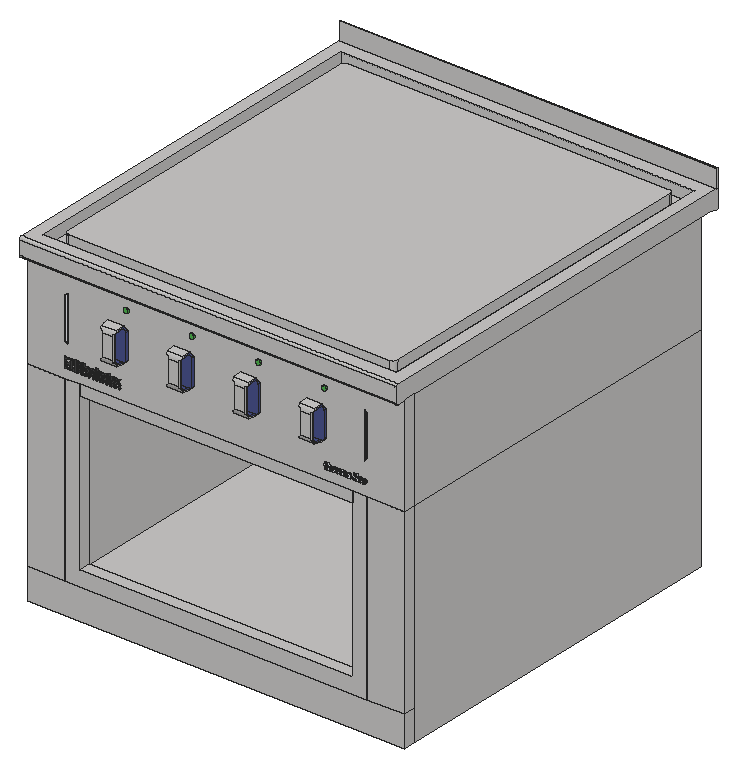
Revit family "QF_ELECTROLUXPROFESSIONAL_588683_MBLDGBHDAO", category Attrezzature speciali, Revit 2021
Family settings
  Quota connettore circolare = Usa diametro
  Tipo di parte = Normale
  Basato su piano di lavoro = No
  Sempre verticale = Sì
  Taglio con vuoti quando caricato = No
  Condiviso = No
  Punto di calcolo locali = No
Parameters (values of type "Standard")
  Weight = 145.00 kg
  Watts = 12000 W
  Volts = 400 V
  URL Manufacturer = "https://www.electroluxprofessional.com/"
  URL = "https://www.electroluxprofessional.com/"
  Steam Supply Size = 0"
  Steam Supply Minimum Pressure = 0.00 psi
  Steam Supply Maximum Pressure = 0.00 psi
  Steam Consumption per Hour = 0
  Refrigeration Suction Line Size = 0 mm
  Refrigeration Liquid Line Size = 0 mm
  Refrigerant Compressor Remote = yes
  Prospetto di default = 0 mm
  Phase = 3
  Modello = "MBLDGBHDAO"
  Produttore = "Electrolux Professional"
  Length Actual = 800 mm  # constant formula
  Item Number = "588683"
  Hot Water Size = 0"
  Height Actual = 700 mm  # constant formula
  HP = "16.1 HP"
  Gas Size = 0"
  Gas KW = 0
  Gas Input Pressure = 0.0 Btu/h
  Direct Waste Size = 0"
  Descrizione = "EL.SOLID TOP,4ZONE,ECO,1S,BS,800X850X700"
  Depth Actual = 850 mm  # constant formula
  Cycle = 50 Hz
  Condensate Return Size = 0"
  Compressed Air Volume = 0 GPM
  Compressed Air Size = 0"
  Compressed Air Pressure = 0.00 psi
  Cold Water Size = 0"
  Accessory = yes
Reference planes
  plane 1 "BACK": y = 50
  plane 2: z = 0
  plane 3 "LEFT": x = 0
  plane 4 "RIGHT": x = 800
  plane 5 "FRONT": y = -800
  plane 6 "TOP": z = 900
  plane 7 "Center (Left/Right)": x = 400
  plane 8: y = -375
  plane 9: z = 200
  plane 10: y = -150
  plane 11 "Panel": y = -755
  plane 12: z = 798
  plane 13: z = 1327
  plane 14: x = 78
  plane 15: x = 722
  plane 16: y = -100
  plane 17: y = -600
  plane 18 "EIx": x = 755
  plane 19 "EIy": y = -585
Forms (mm)
  Extrusion 1, solid, material "QF_Finishes_Stainless Steel"
    sketch origin (-178.969, -4572, 200) x (-1, 0, 0) y (0, -1, 0)
      loop
        line (-178.969, -4577) -> (-178.969, -3817) -> (-978.969, -3817) -> (-978.969, -4577) -> (-178.969, -4577)
    from 450 to 662.969
  Extrusion 2, solid, material "QF_Finishes_Stainless Steel"
    sketch origin (-588.969, -4562, 200) x (-1, 0, 0) y (0, -1, 0)
      loop
        circle (-1343.969, -3977) r 6.35
    from 0 to -11.851
  Extrusion 3, solid, material "QF_Finishes_Stainless Steel"
    sketch origin (400, 296.4, 1219.2) x (0, 1, 0) y (0, 0, 1)
      loop
        line (-246.4, -319.2) -> (-1091.4, -319.2)
        arc (-1091.4, -319.2) -> (-1094.935, -320.664) -> (-1096.4, -324.2) r 5
        line (-1096.4, -324.2) -> (-1096.4, -355.2)
        arc (-1096.4, -355.2) -> (-1094.971, -358.264) -> (-1091.705, -359.139) r 4
        line (-1091.705, -359.139) -> (-1076.4, -356.231) -> (-266.4, -356.231) -> (-251.094, -359.139)
        arc (-251.094, -359.139) -> (-247.829, -358.264) -> (-246.4, -355.2) r 4
        line (-246.4, -355.2) -> (-246.4, -319.2)
    from -400 to 400
  Extrusion 4, solid, material "QF_Finishes_Stainless Steel"
    sketch origin (0, 0, 900) x (-1, 0, 0) y (0, -1, 0)
      loop
        arc (-60, 5) -> (-52.929, 7.929) -> (-50, 15) r 10
        line (-50, 15) -> (-50, 735)
        arc (-50, 735) -> (-52.929, 742.071) -> (-60, 745) r 10
        line (-60, 745) -> (-740, 745)
        arc (-740, 745) -> (-747.071, 742.071) -> (-750, 735) r 10
        line (-750, 735) -> (-750, 15)
        arc (-750, 15) -> (-747.071, 7.929) -> (-740, 5) r 10
        line (-740, 5) -> (-60, 5)
    from 0 to -20
  Extrusion 5, void
    sketch origin (0, 0, 900) x (-1, 0, 0) y (0, -1, 0)
      loop
        line (-25, 770) -> (-775, 770) -> (-775, -20) -> (-25, -20) -> (-25, 770)
    from 0 to -25
  Extrusion 6, solid, material "QF_Finishes_Stainless Steel"
    sketch origin (400, 296.4, 1219.2) x (0, 1, 0) y (0, 0, 1)
      loop
        line (-249.4, -319.2) -> (-246.4, -319.2) -> (-246.4, -281.2) -> (-249.4, -281.2) -> (-249.4, -319.2)
    from -400 to 400
Cuts and joins
  Extrusion 5 cuts Extrusion 3
Lines and regions (mm)
  symbolic lines
    curve 1: line (0, 50, 200) -> (800, 50, 200)
    curve 2: line (0, -800, 200) -> (0, 50, 200)
    curve 3: line (800, -800, 200) -> (0, -800, 200)
    curve 4: line (800, 50, 200) -> (800, -800, 200)
    curve 5: line (740, -5, 200) -> (60, -5, 200)
    curve 6: line (50, -15, 200) -> (50, -735, 200)
    curve 7: line (60, -745, 200) -> (740, -745, 200)
    curve 8: line (750, -735, 200) -> (750, -15, 200)
    curve 9: arc (60, -5, 200) -> (52.929, -7.929, 200) -> (50, -15, 200) r 10
    curve 10: arc (750, -15, 200) -> (747.071, -7.929, 200) -> (740, -5, 200) r 10
    curve 11: arc (740, -745, 200) -> (747.071, -742.071, 200) -> (750, -735, 200) r 10
    curve 12: arc (50, -735, 200) -> (52.929, -742.071, 200) -> (60, -745, 200) r 10
    curve 13: line (0, 47, 0) -> (800, 47, 0)
  model lines, style "SpecialityEquipment"
    curve 14: arc (584.009, -160.989, 900) -> (530.976, -289.022, 900) -> (659.009, -235.989, 900) r 75
    curve 15: line (639.009, -235.989, 900) -> (679.009, -235.989, 900)
    curve 16: line (679.009, -235.989, 900) -> (659.009, -215.989, 900)
    curve 17: line (639.009, -235.989, 900) -> (659.009, -215.989, 900)
    curve 18: arc (216.009, -160.989, 900) -> (162.976, -289.022, 900) -> (291.009, -235.989, 900) r 75
    curve 19: line (271.009, -235.989, 900) -> (311.009, -235.989, 900)
    curve 20: line (311.009, -235.989, 900) -> (291.009, -215.989, 900)
    curve 21: line (271.009, -235.989, 900) -> (291.009, -215.989, 900)
    curve 22: arc (584.009, -488.989, 900) -> (530.976, -617.022, 900) -> (659.009, -563.989, 900) r 75
    curve 23: line (639.009, -563.989, 900) -> (679.009, -563.989, 900)
    curve 24: line (679.009, -563.989, 900) -> (659.009, -543.989, 900)
    curve 25: line (639.009, -563.989, 900) -> (659.009, -543.989, 900)
    curve 26: arc (216.009, -488.989, 900) -> (162.976, -617.022, 900) -> (291.009, -563.989, 900) r 75
    curve 27: line (271.009, -563.989, 900) -> (311.009, -563.989, 900)
    curve 28: line (311.009, -563.989, 900) -> (291.009, -543.989, 900)
    curve 29: line (271.009, -563.989, 900) -> (291.009, -543.989, 900)
Dimensions and locks
  plane 3 "LEFT" to plane 4 "RIGHT" = 800 mm
  plane 5 "FRONT" to plane 1 "BACK" = 850 mm
  equal spacing: plane 3 "LEFT", plane 7 "Center (Left/Right)", plane 4 "RIGHT"
  equal spacing: plane 5 "FRONT", plane 8, plane 1 "BACK"
  plane 6 "TOP" to level = 900 mm  (x2)
  plane 9 to level = 200 mm
  plane 1 "BACK" to plane 10 to plane 11 "Panel" = 200 mm, 605 mm  (x2)
  plane 6 "TOP" to plane 9 to level = 700 mm, 200 mm
  plane 1 "BACK" to plane 5 "FRONT" = 850 mm
  plane 1 "BACK" to Extrusion 2 = 635 mm
  plane 12 to plane 9 = 598 mm
  plane 13 to plane 6 "TOP" = 427 mm
  plane 6 "TOP" to plane 12 = 102 mm
  plane 14 to plane 3 "LEFT" = 78 mm
  plane 15 to plane 4 "RIGHT" = 78 mm
  locked: plane 1 "BACK" to plane 16 at 150
  locked: plane 16 to plane 17 at 500
  plane 11 "Panel" to plane 5 "FRONT" = 45 mm
  plane 18 "EIx" to plane 4 "RIGHT" = 45 mm
  plane 19 "EIy" to plane 1 "BACK" = 635 mm
  aligned and locked: level to plane 2
  aligned and locked: Extrusion 1 to nested 2
Automatic sketch dimensions
  Extrusion 2 sketch curve to plane 18 "EIx" = 0 mm
  Extrusion 2 sketch curve to plane 19 "EIy" = 0 mm
  Extrusion 3 sketch curve to plane 5 "FRONT" = 0 mm
  Extrusion 3 sketch curve to plane 6 "TOP" = 0 mm
  Extrusion 3 sketch curve to plane 1 "BACK" = 0 mm
  Extrusion 3 sketch curve to plane 5 "FRONT" = 4 mm
  Extrusion 3 sketch curve to Extrusion 3 sketch curve = 0.695 mm
  Extrusion 3 sketch curve to plane 5 "FRONT" = 5 mm
  Extrusion 3 sketch curve to Extrusion 3 sketch curve = 15.305 mm
  plane 1 "BACK" to Extrusion 3 sketch curve = 20 mm
  plane 1 "BACK" to Extrusion 3 sketch curve = 4.695 mm
  Extrusion 3 sketch curve to Extrusion 3 sketch curve = 4 mm
  Extrusion 3 sketch curve to Extrusion 3 sketch curve = 31 mm
  Extrusion 3 sketch curve to plane 6 "TOP" = 36 mm
  Extrusion 3 sketch curve to Extrusion 3 sketch curve = 2.909 mm
  Extrusion 4 sketch curve to plane 15 = 28 mm
  plane 14 to Extrusion 4 sketch curve = 28 mm
  Extrusion 4 sketch curve to plane 15 = 18 mm  (x2)
  Extrusion 4 sketch curve to Extrusion 4 sketch curve = 10 mm  (x2)
  plane 10 to Extrusion 4 sketch curve = 145 mm
  plane 17 to Extrusion 4 sketch curve = 135 mm
  Extrusion 5 sketch curve to plane 18 "EIx" = 20 mm
  plane 14 to Extrusion 5 sketch curve = 53 mm
  plane 10 to Extrusion 5 sketch curve = 170 mm
  Extrusion 5 sketch curve to plane 11 "Panel" = 15 mm
  Extrusion 6 sketch curve to plane 6 "TOP" = 0 mm
  Extrusion 6 sketch curve to plane 1 "BACK" = 0 mm
  Extrusion 6 sketch curve to Extrusion 6 sketch curve = 3 mm
  Extrusion 6 sketch curve to Extrusion 6 sketch curve = 38 mm
  Extrusion 1 sketch curve to plane 4 "RIGHT" = 0 mm
  Extrusion 1 sketch curve to plane 3 "LEFT" = 0 mm
  Extrusion 1 sketch curve to plane 11 "Panel" = 0 mm
  plane 1 "BACK" to Extrusion 1 sketch curve = 45 mm
  plane 1 "BACK" to curve 1 = 0 mm
  curve 1 to plane 4 "RIGHT" = 0 mm
  curve 8 to plane 15 = 28 mm
  plane 14 to curve 6 = 28 mm
  curve 2 to plane 3 "LEFT" = 0 mm
  plane 5 "FRONT" to curve 3 = 0 mm
  curve 5 to plane 15 = 18 mm
  curve 11 to curve 11 = 10 mm
  plane 14 to curve 5 = 18 mm
  curve 12 to curve 6 = 10 mm
  plane 10 to curve 5 = 145 mm
  plane 17 to curve 11 = 135 mm
  plane 15 to curve 14 = 137.991 mm
  plane 19 "EIy" to curve 22 = 21.011 mm
  plane 15 to curve 22 = 137.991 mm
  curve 18 to plane 14 = 138.009 mm
  plane 19 "EIy" to curve 26 = 21.011 mm
  curve 26 to plane 14 = 138.009 mm
  curve 14 to plane 10 = 85.989 mm
  curve 18 to plane 10 = 85.989 mm
  plane 15 to curve 16 = 42.991 mm
  plane 15 to curve 24 = 42.991 mm
  curve 23 to curve 24 = 20 mm
  curve 23 to curve 22 = 20 mm
  curve 15 to curve 14 = 20 mm
  curve 17 to curve 14 = 0 mm
  curve 14 to curve 17 = 20 mm
  curve 22 to curve 23 = 20 mm
  curve 28 to plane 7 "Center (Left/Right)" = 88.991 mm
  curve 20 to plane 7 "Center (Left/Right)" = 88.991 mm
  curve 19 to curve 21 = 20 mm
  curve 27 to curve 28 = 20 mm
  curve 27 to curve 26 = 20 mm
  curve 18 to curve 20 = 0 mm
  curve 26 to curve 29 = 20 mm
  curve 18 to curve 21 = 20 mm
  radius of Extrusion 2 sketch curve = 6.35 mm
Nested families
  nested 1: "Front_Panel_W800_4 Knobs_Spie" at (202.376, -755, 0), type "Front_Panel_W800_4 Knobs_Spie"
  nested 2: "QF_ELECTROLUXPROFESSIONAL_588643_MB1NCAHOOO" at (0, 50, 0), type "QF_ELECTROLUXPROFESSIONAL_588643_MB1NCAHOOO"
    with Type Mark "", Specification by User "", Revision Code "", Item Number "", Installed By "", Identify Quantity as Lot yes, Furnished By "", Foodservice Equipment Identifier yes
Connectors
  electrical at (755, -585, 188.149)
    settings: on Extrusion 2, index 1, voltage 400 V, apparent load 33000 VA, apparent load phase1 0 VA, apparent load phase2 0 VA, apparent load phase3 0 VA, power factor 1, load classification "Other", number of poles 1, system type 30, power factor state 1, is connector primary yes, connector utility no, sub classification motor no, connector description "ELECTRICAL CONNECTION"
Definition of nested family "Front_Panel_W800_4 Knobs_Spie"
  Parameters
    Default Elevation = 0 mm
  Reference planes
    plane 1 "Center (Front/Back)": y = 0
    plane 2: z = 0
    plane 3 "Center (Left/Right)": x = 197.624
    plane 4 "Left": x = -202.376
    plane 5 "Right": x = 597.624
    plane 6: y = -45
    plane 7: x = -12.376
    plane 8: x = 127.624
    plane 9 "Panel": y = -25
    plane 10: x = 517.624
    plane 11: x = -122.376
  Forms (mm)
    Extrusion 1, solid
      sketch origin (833.217, 829.203, -1.25) x (0, 1, 0) y (0, 0, 1)
        loop
          line (-854.203, 651.25) -> (-829.203, 651.25) -> (-829.203, 864.25) -> (-854.203, 864.25) -> (-854.203, 651.25)
      from -1035.593 to -235.593
    Extrusion 2, void
      sketch origin (0, -25, -10) x (0, 0, 1) y (-1, 0, 0)
        loop
          line (731.866, 122.376) -> (726.866, 117.376) -> (823.866, 117.376) -> (818.866, 122.376) -> (731.866, 122.376)
        loop
          line (731.866, -517.624) -> (818.866, -517.624) -> (823.866, -512.624) -> (726.866, -512.624) -> (731.866, -517.624)
      from 0 to -2
    Extrusion 3, solid
      sketch origin (20, -25, 1.163) x (0, 0, 1) y (-1, 0, 0)
        loop
          circle (824.337, 12.376) r 5
      from 0 to 1.7
    Extrusion 4, solid
      sketch origin (160, -25, 1.163) x (0, 0, 1) y (-1, 0, 0)
        loop
          circle (824.337, 12.376) r 5
      from 0 to 1.7
    Extrusion 5, solid
      sketch origin (300.724, -25, 1.163) x (0, 0, 1) y (-1, 0, 0)
        loop
          circle (824.337, 12.376) r 5
      from 0 to 1.7
    Extrusion 6, solid
      sketch origin (440.724, -25, 1.163) x (0, 0, 1) y (-1, 0, 0)
        loop
          circle (824.337, 12.376) r 5
      from 0 to 1.7
    Extrusion 7, solid
      sketch origin (0, -25, -10) x (0, 0, 1) y (-1, 0, 0)
        loop
          line (731.866, 122.376) -> (726.866, 117.376) -> (823.866, 117.376) -> (818.866, 122.376) -> (731.866, 122.376)
        loop
          line (726.866, -512.624) -> (731.866, -517.624) -> (818.866, -517.624) -> (823.866, -512.624) -> (726.866, -512.624)
      from 0 to -2
  Cuts and joins
    Extrusion 2 cuts Extrusion 1
  Dimensions and locks
    equal spacing: plane 5 "Right", plane 3 "Center (Left/Right)", plane 4 "Left"
    plane 5 "Right" to plane 4 "Left" = 800 mm
    plane 3 "Center (Left/Right)" to plane 7 = 210 mm
    plane 3 "Center (Left/Right)" to plane 8 = 70 mm
    aligned and locked: cut or joined group of Extrusion 1, Extrusion 2 to plane 4 "Left"
    aligned and locked: plane 5 "Right" to cut or joined group of Extrusion 1, Extrusion 2
  Automatic sketch dimensions
    Extrusion 1 sketch curve to plane 9 "Panel" = 0 mm
    Extrusion 1 sketch curve to plane 1 "Center (Front/Back)" = 0 mm
    Extrusion 2 sketch curve to plane 11 = 0 mm
    Extrusion 2 sketch curve to plane 10 = 0 mm
    Extrusion 2 sketch curve to plane 10 = 5 mm
    plane 11 to Extrusion 2 sketch curve = 5 mm
    Extrusion 2 sketch curve to Extrusion 2 sketch curve = 5 mm  (x4)
    plane 7 to Extrusion 3 sketch curve = 20 mm
    plane 8 to Extrusion 4 sketch curve = 20 mm
    plane 3 "Center (Left/Right)" to Extrusion 5 sketch curve = 90.724 mm
    Extrusion 6 sketch curve to plane 10 = 89.276 mm
    Extrusion 7 sketch curve to plane 11 = 0 mm
    Extrusion 7 sketch curve to plane 10 = 0 mm
    plane 11 to Extrusion 7 sketch curve = 5 mm
    Extrusion 7 sketch curve to Extrusion 7 sketch curve = 5 mm  (x4)
    Extrusion 7 sketch curve to plane 10 = 5 mm
    level to Extrusion 1 sketch curve = 650 mm
    Extrusion 1 sketch curve to Extrusion 1 sketch curve = 213 mm
    level to Extrusion 2 sketch curve = 716.866 mm
    Extrusion 2 sketch curve to Extrusion 2 sketch curve = 0 mm
    Extrusion 2 sketch curve to Extrusion 2 sketch curve = 87 mm  (x2)
    level to Extrusion 3 sketch curve = 825.5 mm
    level to Extrusion 4 sketch curve = 825.5 mm
    level to Extrusion 5 sketch curve = 825.5 mm
    level to Extrusion 6 sketch curve = 825.5 mm
    level to Extrusion 7 sketch curve = 716.866 mm
    Extrusion 7 sketch curve to Extrusion 7 sketch curve = 0 mm
    Extrusion 7 sketch curve to Extrusion 7 sketch curve = 87 mm  (x2)
    radius of Extrusion 3 sketch curve = 5 mm
    radius of Extrusion 4 sketch curve = 5 mm
    radius of Extrusion 5 sketch curve = 5 mm
    radius of Extrusion 6 sketch curve = 5 mm
  Nested families
    nested 1: "Range Control Handle" at (-12.376, -28.137, -209.113) x (-1, 0, 0) z (0, 0, 1), type "Range Control Handle"
    nested 2: "Range Control Handle" at (127.624, -28.137, -209.113) x (-1, 0, 0) z (0, 0, 1), type "Range Control Handle"
    nested 3: "Range Control Handle" at (407.624, -28.137, -209.113), type "Range Control Handle"
    nested 4: "Range Control Handle" at (267.624, -28.137, -209.113), type "Range Control Handle"
    nested 5: "ELX_ThermaLine_Small" at (468.838, -25, 679.426) x (1, 0, 0) z (0, -1, 0), type "ELX_ThermaLine_Small"
      with Show Logo yes, Material_Logo none
    nested 6: "ELX_Professional_Logo_Small" at (-62.89, -25, 681.659) x (1, 0, 0) z (0, -1, 0), type "ELX_Professional_Logo_Small"
      with Show Logo yes, Material_Logo none
  Definition of nested family "Range Control Handle"
    Parameters
      Default Elevation = 0 mm
    Reference planes
      plane 1 "Center (Front/Back)": y = 0
      plane 2: z = 0
      plane 3 "Center (Left/Right)": x = 0
      plane 4: z = 971.092
      plane 5: y = -16.9
    Forms (mm)
      Extrusion 1, solid
        sketch origin (-746.28, 380.497, 208.931) x (-1, 0, 0) y (0, 0, 1)
          loop
            line (-770.101, 786.798) -> (-770.101, 731.649)
            arc (-770.101, 731.649) -> (-769.759, 730.563) -> (-768.855, 729.87) r 1.893
            line (-768.855, 729.87) -> (-763.474, 727.911) -> (-729.81, 727.911) -> (-724.428, 729.87)
            arc (-724.428, 729.87) -> (-723.525, 730.563) -> (-723.183, 731.649) r 1.893
            line (-723.183, 731.649) -> (-723.183, 786.798)
            arc (-723.183, 786.798) -> (-723.529, 787.894) -> (-724.44, 788.593) r 1.91
            line (-724.44, 788.593) -> (-729.683, 790.819) -> (-763.601, 790.819) -> (-768.844, 788.593)
            arc (-768.844, 788.593) -> (-769.755, 787.894) -> (-770.101, 786.798) r 1.91
        from -382.35 to -378.852
      Sweep 2, solid
        path origin (-746.788, 380.496, 208.091) x (0, -1, 0) y (0, 0, 1)
          loop
            line (379.775, 793.281) -> (395.661, 791.048)
            arc (395.661, 791.048) -> (397.781, 787.377) -> (398.517, 783.202) r 12.207
            line (398.517, 783.202) -> (398.517, 737.368)
            arc (398.517, 737.368) -> (397.781, 733.193) -> (395.661, 729.522) r 12.207
            line (395.661, 729.522) -> (379.775, 727.289)
        profile origin (-746.788, -7.222, 1000.256) x (0, -0.139173, 0.990268) y (-1, 0, 0)
          loop
            line (0.782, -763.123) -> (0.782, -730.907) -> (-1.322, -730.907) -> (-1.322, -763.123) -> (0.782, -763.123)
      Sweep 3, solid
        path origin (-746.788, 380.715, 207.832) x (0, -1, 0) y (0, 0, 1)
          loop
            line (380.478, 795.442) -> (397.218, 793.09)
            arc (397.218, 793.09) -> (399.929, 788.473) -> (400.871, 783.202) r 15.207
            line (400.871, 783.202) -> (400.871, 737.584)
            arc (400.871, 737.584) -> (399.914, 732.274) -> (397.164, 727.633) r 15.207
            line (397.164, 727.633) -> (380.601, 725.305)
        profile origin (-746.788, -8.132, 1002.099) x (0, -0.139173, 0.990268) y (-1, 0, 0)
          loop
            line (0.782, -763.123) -> (0.782, -730.907) -> (-1.322, -730.907) -> (-1.322, -763.123) -> (0.782, -763.123)
      Extrusion 4, void
        sketch origin (889.253, 220.666, 207.993) x (1, 0, 0) y (0, 0, 1)
          loop
            line (-943.038, 816.854) -> (-943.038, 703.686) -> (-899.466, 734.196) -> (-899.466, 786.344) -> (-943.038, 816.854)
        from 230.636 to 242.25
      Extrusion 5, void
        sketch origin (-888.8, 220.666, 207.993) x (-1, 0, 0) y (0, 0, -1)
          loop
            line (-943.038, -816.854) -> (-899.466, -786.344) -> (-899.466, -734.196) -> (-943.038, -703.686) -> (-943.038, -816.854)
        from 230.636 to 242.25
      Extrusion 6, solid
        sketch origin (0, 0, 0) x (1, 0, 0) y (0, 0, 1)
          loop
            circle (0, 971.092) r 7.736
        from -3.137 to -1.645
    Cuts and joins
      Extrusion 4, Extrusion 5 cuts Sweep 3
      Extrusion 4, Extrusion 5 cuts Sweep 2
      joined: Extrusion 1, Extrusion 6
    Lines and regions (mm)
      symbolic lines
        curve 1: line (16.334, -16.9, 0) -> (16.334, -19.227, 0)
        curve 2: spline (16.334, -19.227, 0) -> (15.87, -19.385, 0) -> (15.404, -19.536, 0) -> (14.936, -19.678, 0) -> (14.466, -19.813, 0) -> (13.995, -19.94, 0) -> (13.523, -20.059, 0) -> (13.049, -20.171, 0) -> (12.575, -20.274, 0) -> (12.099, -20.37, 0) -> (11.622, -20.458, 0) -> (11.144, -20.537, 0) -> (10.666, -20.609, 0)
        curve 3: line (10.666, -16.9, 0) -> (10.666, -20.938, 0)
        curve 4: line (-10.213, -20.938, 0) -> (10.666, -20.938, 0)
        curve 5: line (-10.213, -20.938, 0) -> (-10.213, -16.9, 0)
        curve 6: spline (-10.213, -20.609, 0) -> (-10.691, -20.537, 0) -> (-11.169, -20.458, 0) -> (-11.646, -20.37, 0) -> (-12.122, -20.274, 0) -> (-12.597, -20.171, 0) -> (-13.07, -20.059, 0) -> (-13.542, -19.94, 0) -> (-14.013, -19.813, 0) -> (-14.483, -19.678, 0) -> (-14.951, -19.536, 0) -> (-15.417, -19.385, 0) -> (-15.881, -19.227, 0)
        curve 7: line (-15.881, -19.227, 0) -> (-15.881, -16.9, 0)
  Definition of nested family "ELX_ThermaLine_Small"
    Parameters
      Show Logo [instance] = yes
      Material_Logo [instance] = none
      Default Elevation = 0 mm
    Reference planes
      plane 1 "Centro (Fronte/Retro)": y = 0
      plane 2: z = 0
      plane 3 "Centro (Sinistra/Destra)": x = 0
    Forms (mm)
      Extrusion 1, solid
        sketch origin (0, 0, 0) x (1, 0, 0) y (0, 1, 0)
          loop
            line (-1219.2, 1219.2) -> (-1219.2, -1219.2) -> (1219.2, -1219.2) -> (1219.2, 1219.2) -> (-1219.2, 1219.2)
        from 0 to -304.8
      Extrusion 2, solid
        sketch origin (0, 0, 0) x (1, 0, 0) y (0, 1, 0)
          loop
            line (-37.494, 1.229) -> (-35.908, 1.229) -> (-35.908, 3.066) -> (-37.494, 3.066) -> (-37.494, 6.221) -> (-39.867, 4.881) -> (-39.867, 3.066) -> (-40.969, 3.066) -> (-40.969, 1.229) -> (-39.867, 1.229) -> (-39.867, -3.407)
            arc (-39.867, -3.407) -> (-38.982, -5.513) -> (-36.751, -6.001) r 2.478
            line (-36.751, -6.001) -> (-35.638, -5.7) -> (-35.9, -3.835) -> (-36.661, -4.039)
            arc (-36.661, -4.039) -> (-37.236, -3.924) -> (-37.494, -3.399) r 0.662
            line (-37.494, -3.399) -> (-37.494, 1.229)
          loop
            line (-34.242, 6.539) -> (-34.242, -5.848) -> (-31.854, -5.848) -> (-31.854, -0.078)
            arc (-31.854, -0.078) -> (-30.939, 1.249) -> (-29.33, 1.367) r 1.866
            arc (-29.33, 1.367) -> (-28.695, 0.768) -> (-28.461, -0.073) r 1.627
            line (-28.461, -0.073) -> (-28.461, -5.848) -> (-26.086, -5.848) -> (-26.064, -0.46)
            arc (-26.064, -0.46) -> (-26.261, 0.932) -> (-26.786, 2.237) r 5.825
            arc (-26.786, 2.237) -> (-29.381, 3.264) -> (-31.854, 1.971) r 3.353
            line (-31.854, 1.971) -> (-31.854, 6.539) -> (-34.242, 6.539)
          loop
            arc (-18.398, -0.598) -> (-18.893, 0.879) -> (-20.326, 1.487) r 1.897
            arc (-20.326, 1.487) -> (-21.461, 0.708) -> (-21.897, -0.598) r 2.164
            line (-21.897, -0.598) -> (-18.398, -0.598)
          loop
            arc (-16.021, -2.044) -> (-16.754, 1.227) -> (-19.444, 3.226) r 4.814
            arc (-19.444, 3.226) -> (-22.137, 2.788) -> (-23.943, 0.743) r 4.054
            arc (-23.943, 0.743) -> (-24.382, -1.249) -> (-24.162, -3.276) r 6.289
            arc (-24.162, -3.276) -> (-23.302, -4.71) -> (-21.958, -5.705) r 4.28
            arc (-21.958, -5.705) -> (-18.558, -5.814) -> (-16.152, -3.409) r 4.28
            line (-16.152, -3.409) -> (-18.5, -2.995)
            arc (-18.5, -2.995) -> (-19.273, -3.994) -> (-20.533, -4.076) r 1.536
            arc (-20.533, -4.076) -> (-21.56, -3.281) -> (-21.958, -2.044) r 2.197
            line (-21.958, -2.044) -> (-16.021, -2.044)
          loop
            line (-14.165, -5.848) -> (-11.819, -5.848) -> (-11.819, -2.138)
            arc (-11.819, -2.138) -> (-11.787, -1.156) -> (-11.637, -0.185) r 8.18
            arc (-11.637, -0.185) -> (-10.644, 0.972) -> (-9.132, 0.776) r 1.603
            line (-9.132, 0.776) -> (-8.419, 2.846)
            arc (-8.419, 2.846) -> (-10.432, 3.118) -> (-11.994, 1.821) r 2.527
            line (-11.994, 1.821) -> (-11.994, 3.094) -> (-14.165, 3.094) -> (-14.165, -5.848)
          loop
            line (-7.579, 3.094) -> (-7.579, -5.848) -> (-5.178, -5.848) -> (-5.178, -0.756)
            arc (-5.178, -0.756) -> (-4.727, 0.679) -> (-3.417, 1.419) r 2.05
            arc (-3.417, 1.419) -> (-2.499, 0.908) -> (-2.155, -0.085) r 1.471
            line (-2.155, -0.085) -> (-2.155, -5.848) -> (0.23, -5.848) -> (0.23, -1.001)
            arc (0.23, -1.001) -> (0.47, 0.127) -> (1.148, 1.061) r 2.775
            arc (1.148, 1.061) -> (2.225, 1.329) -> (3.05, 0.587) r 1.182
            arc (3.05, 0.587) -> (3.199, -0.019) -> (3.214, -0.642) r 2.894
            line (3.214, -0.642) -> (3.214, -5.848) -> (5.601, -5.848) -> (5.601, 0.261)
            arc (5.601, 0.261) -> (4.87, 2.263) -> (2.976, 3.241) r 2.932
            arc (2.976, 3.241) -> (1.284, 2.973) -> (-0.047, 1.896) r 3.309
            arc (-0.047, 1.896) -> (-1.116, 2.865) -> (-2.506, 3.258) r 3.16
            arc (-2.506, 3.258) -> (-4.105, 2.942) -> (-5.376, 1.92) r 3.419
            line (-5.376, 1.92) -> (-5.376, 3.094) -> (-7.579, 3.094)
          loop
            line (7.583, 0.738) -> (9.702, 0.364)
            arc (9.702, 0.364) -> (11.441, 1.492) -> (12.855, -0.023) r 1.613
            line (12.855, -0.023) -> (9.782, -0.789)
            arc (9.782, -0.789) -> (8.559, -1.346) -> (7.617, -2.305) r 3.687
            arc (7.617, -2.305) -> (7.499, -3.681) -> (7.901, -5.003) r 3.651
            arc (7.901, -5.003) -> (9.107, -5.766) -> (10.515, -6.006) r 3.635
            arc (10.515, -6.006) -> (11.898, -5.697) -> (13.067, -4.895) r 3.734
            line (13.067, -4.895) -> (13.376, -5.848) -> (15.75, -5.848) -> (15.212, -4.193) -> (15.212, 0.38)
            arc (15.212, 0.38) -> (14.897, 1.849) -> (13.818, 2.895) r 2.585
            arc (13.818, 2.895) -> (11.792, 3.442) -> (9.719, 3.11) r 5.005
            arc (9.719, 3.11) -> (8.369, 2.178) -> (7.583, 0.738) r 3.54
          loop
            line (19.723, -5.848) -> (22.233, -5.848) -> (24.854, 6.484) -> (22.345, 6.484) -> (19.723, -5.848)
          loop
            line (24.583, -5.848) -> (26.953, -5.848) -> (28.848, 3.066) -> (26.478, 3.066) -> (24.583, -5.848)
          loop
            line (27.204, 6.484) -> (26.741, 4.305) -> (29.111, 4.305) -> (29.575, 6.484) -> (27.204, 6.484)
          loop
            line (29.355, -5.848) -> (31.849, -5.848) -> (33.098, 0.028)
            arc (33.098, 0.028) -> (34.169, 1.306) -> (35.832, 1.422) r 2.132
            arc (35.832, 1.422) -> (36.324, 0.752) -> (36.383, -0.078) r 1.5
            line (36.383, -0.078) -> (35.157, -5.848) -> (37.536, -5.848) -> (38.936, 0.738)
            arc (38.936, 0.738) -> (38.775, 2.091) -> (37.825, 3.066) r 2.118
            arc (37.825, 3.066) -> (35.392, 3.175) -> (33.295, 1.937) r 4.271
            line (33.295, 1.937) -> (33.535, 3.066) -> (31.25, 3.066) -> (29.355, -5.848)
          loop
            line (42.792, -0.64) -> (46.589, -0.64)
            arc (46.589, -0.64) -> (46.639, 0.124) -> (46.327, 0.823) r 1.589
            arc (46.327, 0.823) -> (45.117, 1.521) -> (43.762, 1.183) r 1.865
            arc (43.762, 1.183) -> (43.141, 0.344) -> (42.792, -0.64) r 3.538
          loop
            line (42.565, -2.138) -> (48.593, -2.138)
            arc (48.593, -2.138) -> (48.58, 0.597) -> (46.983, 2.818) r 4.494
            arc (46.983, 2.818) -> (44.191, 3.28) -> (41.725, 1.891) r 4.26
            arc (41.725, 1.891) -> (40.503, -0.3) -> (40.284, -2.799) r 6.003
            arc (40.284, -2.799) -> (40.959, -4.468) -> (42.377, -5.576) r 3.482
            arc (42.377, -5.576) -> (44.265, -5.961) -> (46.152, -5.576) r 4.823
            arc (46.152, -5.576) -> (47.432, -4.731) -> (48.328, -3.485) r 4.245
            line (48.328, -3.485) -> (46.168, -3.105)
            arc (46.168, -3.105) -> (45.214, -4.072) -> (43.859, -4.181) r 1.953
            arc (43.859, -4.181) -> (42.821, -3.408) -> (42.565, -2.138) r 1.81
          loop
            line (12.868, -1.553) -> (10.216, -2.214)
            arc (10.216, -2.214) -> (9.747, -3.136) -> (10.216, -4.058) r 1.14
            arc (10.216, -4.058) -> (11.537, -4.249) -> (12.614, -3.46) r 1.763
            arc (12.614, -3.46) -> (12.858, -2.522) -> (12.868, -1.553) r 3.97
        from 0 to 1.6
    Dimensions and locks
      aligned and locked: plane 2 to Extrusion 1
      aligned and locked: level to Extrusion 1
  Definition of nested family "ELX_Professional_Logo_Small"
    Parameters
      Show Logo [instance] = yes
      Material_Logo [instance] = none
      Default Elevation = 0 mm
    Reference planes
      plane 1 "Centro (Fronte/Retro)": y = 0
      plane 2: z = 0
      plane 3 "Centro (Sinistra/Destra)": x = 0
    Forms (mm)
      Extrusion 1, solid
        sketch origin (0, 0, 0) x (1, 0, 0) y (0, 1, 0)
          loop
            line (-1219.2, 1219.2) -> (-1219.2, -1219.2) -> (1219.2, -1219.2) -> (1219.2, 1219.2) -> (-1219.2, 1219.2)
        from 0 to -304.8
      Extrusion 2, solid, material <- "Material_Logo"
        sketch origin (15.5, 0, 0) x (1, 0, 0) y (0, 1, 0)
          loop
            spline (-42.99, -1.24) -> (-43.195, -1.231) -> (-43.415, -1.203) -> (-43.642, -1.152) -> (-43.87, -1.074) -> (-44.095, -0.966) -> (-44.309, -0.825) -> (-44.506, -0.647) -> (-44.681, -0.429) -> (-44.828, -0.167) -> (-44.94, 0.142) -> (-45.011, 0.501) -> (-45.037, 0.915)
            line (-45.037, 0.915) -> (-45.037, 2.748) -> (-38.984, 2.748) -> (-38.984, 5.086) -> (-45.038, 5.086) -> (-45.038, 8.489) -> (-38.599, 8.489) -> (-38.599, 10.82) -> (-47.515, 10.82) -> (-47.515, 1.021)
            spline (-47.515, 1.021) -> (-47.493, 0.418) -> (-47.425, -0.15) -> (-47.311, -0.682) -> (-47.15, -1.175) -> (-46.939, -1.628) -> (-46.678, -2.038) -> (-46.365, -2.404) -> (-46, -2.723) -> (-45.58, -2.995) -> (-45.105, -3.216) -> (-44.573, -3.385) -> (-43.983, -3.499)
            line (-43.983, -3.499) -> (-43.01, -3.569) -> (-38.426, -3.569) -> (-38.426, -1.24) -> (-42.99, -1.24)
          loop
            line (-36.666, 4.021) -> (-36.666, -3.573) -> (-34.188, -3.573) -> (-34.188, 10.824) -> (-36.666, 10.824) -> (-36.666, 4.021)
          loop
            spline (-21.915, 1.897) -> (-21.957, 2.615) -> (-22.082, 3.303) -> (-22.285, 3.955) -> (-22.563, 4.564) -> (-22.913, 5.124) -> (-23.331, 5.629) -> (-23.814, 6.074) -> (-24.359, 6.451) -> (-24.961, 6.755) -> (-25.618, 6.98) -> (-26.326, 7.119) -> (-27.081, 7.167)
            spline (-27.081, 7.167) -> (-27.853, 7.122) -> (-28.586, 6.99) -> (-29.275, 6.774) -> (-29.915, 6.478) -> (-30.5, 6.104) -> (-31.024, 5.657) -> (-31.483, 5.138) -> (-31.871, 4.553) -> (-32.182, 3.904) -> (-32.411, 3.194) -> (-32.552, 2.427) -> (-32.6, 1.606)
            spline (-32.6, 1.606) -> (-32.553, 0.805) -> (-32.416, 0.057) -> (-32.193, -0.637) -> (-31.887, -1.271) -> (-31.504, -1.843) -> (-31.048, -2.35) -> (-30.523, -2.788) -> (-29.934, -3.154) -> (-29.284, -3.444) -> (-28.579, -3.656) -> (-27.822, -3.785) -> (-27.019, -3.829)
            spline (-27.019, -3.829) -> (-26.627, -3.82) -> (-26.239, -3.79) -> (-25.856, -3.739) -> (-25.477, -3.663) -> (-25.103, -3.562) -> (-24.734, -3.432) -> (-24.369, -3.273) -> (-24.01, -3.082) -> (-23.655, -2.858) -> (-23.305, -2.597) -> (-22.96, -2.299) -> (-22.621, -1.962)
            line (-22.621, -1.962) -> (-24.114, -0.509)
            spline (-24.114, -0.509) -> (-24.311, -0.699) -> (-24.509, -0.872) -> (-24.71, -1.03) -> (-24.915, -1.172) -> (-25.126, -1.297) -> (-25.346, -1.407) -> (-25.576, -1.5) -> (-25.817, -1.576) -> (-26.072, -1.636) -> (-26.342, -1.678) -> (-26.629, -1.704) -> (-26.936, -1.713)
            spline (-26.936, -1.713) -> (-27.384, -1.691) -> (-27.805, -1.625) -> (-28.196, -1.518) -> (-28.556, -1.372) -> (-28.882, -1.187) -> (-29.174, -0.966) -> (-29.429, -0.71) -> (-29.645, -0.422) -> (-29.821, -0.102) -> (-29.955, 0.247) -> (-30.045, 0.623) -> (-30.089, 1.026)
            line (-30.089, 1.026) -> (-21.956, 1.026) -> (-21.915, 1.897)
          loop
            spline (-24.446, 2.769) -> (-24.47, 3.075) -> (-24.54, 3.37) -> (-24.654, 3.65) -> (-24.807, 3.913) -> (-24.996, 4.156) -> (-25.219, 4.376) -> (-25.472, 4.57) -> (-25.753, 4.736) -> (-26.057, 4.869) -> (-26.382, 4.968) -> (-26.724, 5.03) -> (-27.081, 5.051)
            spline (-27.081, 5.051) -> (-27.464, 5.03) -> (-27.832, 4.97) -> (-28.183, 4.872) -> (-28.513, 4.74) -> (-28.819, 4.577) -> (-29.099, 4.384) -> (-29.347, 4.165) -> (-29.563, 3.923) -> (-29.742, 3.659) -> (-29.881, 3.377) -> (-29.977, 3.079) -> (-30.027, 2.769)
            line (-30.027, 2.769) -> (-24.446, 2.769)
          loop
            spline (-18.167, 1.669) -> (-18.138, 2.13) -> (-18.055, 2.567) -> (-17.921, 2.978) -> (-17.739, 3.358) -> (-17.512, 3.705) -> (-17.243, 4.016) -> (-16.937, 4.287) -> (-16.596, 4.517) -> (-16.223, 4.7) -> (-15.823, 4.835) -> (-15.398, 4.919) -> (-14.951, 4.947)
            spline (-14.951, 4.947) -> (-14.677, 4.938) -> (-14.414, 4.913) -> (-14.162, 4.871) -> (-13.921, 4.812) -> (-13.69, 4.738) -> (-13.467, 4.649) -> (-13.254, 4.544) -> (-13.048, 4.424) -> (-12.85, 4.291) -> (-12.659, 4.143) -> (-12.474, 3.981) -> (-12.295, 3.806)
            line (-12.295, 3.806) -> (-10.76, 5.403)
            spline (-10.76, 5.403) -> (-11.065, 5.709) -> (-11.38, 5.984) -> (-11.703, 6.228) -> (-12.035, 6.443) -> (-12.375, 6.63) -> (-12.723, 6.788) -> (-13.078, 6.92) -> (-13.44, 7.026) -> (-13.809, 7.107) -> (-14.184, 7.164) -> (-14.564, 7.198) -> (-14.951, 7.209)
            spline (-14.951, 7.209) -> (-15.725, 7.161) -> (-16.467, 7.02) -> (-17.169, 6.792) -> (-17.826, 6.482) -> (-18.43, 6.096) -> (-18.976, 5.637) -> (-19.455, 5.112) -> (-19.862, 4.525) -> (-20.19, 3.882) -> (-20.433, 3.189) -> (-20.584, 2.449) -> (-20.635, 1.669)
            spline (-20.635, 1.669) -> (-20.584, 0.889) -> (-20.433, 0.149) -> (-20.19, -0.545) -> (-19.862, -1.187) -> (-19.455, -1.774) -> (-18.976, -2.299) -> (-18.43, -2.758) -> (-17.826, -3.145) -> (-17.169, -3.454) -> (-16.467, -3.682) -> (-15.725, -3.823) -> (-14.951, -3.871)
            spline (-14.951, -3.871) -> (-14.564, -3.86) -> (-14.184, -3.826) -> (-13.809, -3.77) -> (-13.44, -3.689) -> (-13.078, -3.583) -> (-12.723, -3.451) -> (-12.375, -3.292) -> (-12.035, -3.105) -> (-11.703, -2.89) -> (-11.38, -2.646) -> (-11.065, -2.371) -> (-10.76, -2.066)
            line (-10.76, -2.066) -> (-12.295, -0.468)
            spline (-12.295, -0.468) -> (-12.474, -0.643) -> (-12.659, -0.805) -> (-12.85, -0.953) -> (-13.048, -1.087) -> (-13.254, -1.206) -> (-13.467, -1.311) -> (-13.69, -1.4) -> (-13.921, -1.475) -> (-14.162, -1.533) -> (-14.414, -1.575) -> (-14.677, -1.6) -> (-14.951, -1.609)
            spline (-14.951, -1.609) -> (-15.398, -1.581) -> (-15.823, -1.497) -> (-16.223, -1.362) -> (-16.596, -1.179) -> (-16.937, -0.95) -> (-17.243, -0.678) -> (-17.512, -0.367) -> (-17.739, -0.02) -> (-17.921, 0.36) -> (-18.055, 0.771) -> (-18.138, 1.208) -> (-18.167, 1.669)
          loop
            spline (-4.441, -1.243) -> (-4.659, -1.247) -> (-4.894, -1.23) -> (-5.137, -1.19) -> (-5.384, -1.121) -> (-5.628, -1.021) -> (-5.864, -0.884) -> (-6.084, -0.708) -> (-6.283, -0.488) -> (-6.454, -0.219) -> (-6.592, 0.101) -> (-6.69, 0.478) -> (-6.742, 0.914)
            line (-6.742, 0.914) -> (-6.742, 4.587) -> (-4.487, 4.587) -> (-4.487, 6.838) -> (-6.738, 6.838) -> (-6.738, 10.824) -> (-9.217, 10.824) -> (-9.217, 0.773)
            spline (-9.217, 0.773) -> (-9.164, 0.19) -> (-9.068, -0.358) -> (-8.928, -0.87) -> (-8.742, -1.343) -> (-8.511, -1.777) -> (-8.232, -2.168) -> (-7.904, -2.515) -> (-7.527, -2.816) -> (-7.098, -3.069) -> (-6.618, -3.273) -> (-6.084, -3.426) -> (-5.496, -3.525)
            line (-5.496, -3.525) -> (-4.45, -3.573) -> (-4.441, -1.243)
          loop
            spline (3.898, 6.983) -> (3.469, 7.009) -> (3.056, 7.001) -> (2.661, 6.961) -> (2.283, 6.888) -> (1.925, 6.785) -> (1.588, 6.652) -> (1.272, 6.49) -> (0.979, 6.301) -> (0.71, 6.085) -> (0.465, 5.844) -> (0.247, 5.578) -> (0.056, 5.289)
            line (0.056, 5.289) -> (0.056, 6.838) -> (-2.402, 6.838) -> (-2.402, -3.572) -> (0.056, -3.572) -> (0.056, 1.901)
            spline (0.056, 1.901) -> (0.079, 2.316) -> (0.145, 2.703) -> (0.254, 3.06) -> (0.404, 3.386) -> (0.592, 3.679) -> (0.818, 3.938) -> (1.08, 4.162) -> (1.375, 4.348) -> (1.703, 4.495) -> (2.062, 4.602) -> (2.45, 4.668) -> (2.865, 4.69)
            line (2.865, 4.69) -> (3.898, 4.586) -> (3.898, 6.983)
          loop
            spline (15.638, 1.633) -> (15.586, 2.396) -> (15.435, 3.124) -> (15.192, 3.81) -> (14.863, 4.449) -> (14.455, 5.034) -> (13.975, 5.56) -> (13.43, 6.021) -> (12.826, 6.411) -> (12.17, 6.724) -> (11.469, 6.955) -> (10.729, 7.098) -> (9.958, 7.147)
            spline (9.958, 7.147) -> (9.182, 7.098) -> (8.44, 6.955) -> (7.737, 6.724) -> (7.081, 6.411) -> (6.477, 6.021) -> (5.933, 5.56) -> (5.454, 5.034) -> (5.048, 4.449) -> (4.721, 3.81) -> (4.479, 3.124) -> (4.329, 2.396) -> (4.277, 1.633)
            spline (4.277, 1.633) -> (4.329, 0.869) -> (4.479, 0.141) -> (4.721, -0.544) -> (5.048, -1.183) -> (5.454, -1.768) -> (5.933, -2.294) -> (6.477, -2.755) -> (7.081, -3.145) -> (7.737, -3.459) -> (8.44, -3.69) -> (9.182, -3.833) -> (9.958, -3.882)
            spline (9.958, -3.882) -> (10.729, -3.833) -> (11.469, -3.69) -> (12.17, -3.459) -> (12.826, -3.145) -> (13.43, -2.755) -> (13.975, -2.294) -> (14.455, -1.768) -> (14.863, -1.183) -> (15.192, -0.544) -> (15.435, 0.141) -> (15.586, 0.869) -> (15.638, 1.633)
          loop
            spline (13.18, 1.633) -> (13.151, 2.083) -> (13.067, 2.513) -> (12.932, 2.918) -> (12.748, 3.296) -> (12.52, 3.642) -> (12.251, 3.954) -> (11.943, 4.227) -> (11.601, 4.459) -> (11.228, 4.645) -> (10.828, 4.782) -> (10.403, 4.867) -> (9.958, 4.896)
            spline (9.958, 4.896) -> (9.509, 4.867) -> (9.081, 4.782) -> (8.679, 4.645) -> (8.306, 4.459) -> (7.964, 4.227) -> (7.658, 3.954) -> (7.39, 3.642) -> (7.163, 3.296) -> (6.981, 2.918) -> (6.847, 2.513) -> (6.765, 2.083) -> (6.736, 1.633)
            spline (6.736, 1.633) -> (6.765, 1.182) -> (6.847, 0.753) -> (6.981, 0.347) -> (7.163, -0.031) -> (7.39, -0.377) -> (7.658, -0.689) -> (7.964, -0.962) -> (8.306, -1.193) -> (8.679, -1.38) -> (9.081, -1.517) -> (9.509, -1.602) -> (9.958, -1.631)
            spline (9.958, -1.631) -> (10.403, -1.602) -> (10.828, -1.517) -> (11.228, -1.38) -> (11.601, -1.193) -> (11.943, -0.962) -> (12.251, -0.689) -> (12.52, -0.377) -> (12.748, -0.031) -> (12.932, 0.347) -> (13.067, 0.753) -> (13.151, 1.182) -> (13.18, 1.633)
          loop
            line (17.162, 4.269) -> (17.162, -3.573) -> (19.642, -3.573) -> (19.642, 10.824) -> (17.162, 10.824) -> (17.162, 4.269)
          loop
            line (28.581, 6.838) -> (28.581, 0.786)
            spline (28.581, 0.786) -> (28.561, 0.393) -> (28.503, 0.038) -> (28.409, -0.279) -> (28.281, -0.559) -> (28.122, -0.802) -> (27.933, -1.011) -> (27.717, -1.185) -> (27.476, -1.325) -> (27.213, -1.433) -> (26.929, -1.509) -> (26.626, -1.554) -> (26.308, -1.569)
            spline (26.308, -1.569) -> (25.99, -1.554) -> (25.688, -1.509) -> (25.404, -1.434) -> (25.141, -1.326) -> (24.9, -1.187) -> (24.684, -1.014) -> (24.496, -0.807) -> (24.336, -0.565) -> (24.209, -0.288) -> (24.115, 0.026) -> (24.057, 0.376) -> (24.037, 0.765)
            line (24.037, 0.765) -> (24.037, 6.838) -> (21.537, 6.838) -> (21.537, 0.558)
            spline (21.537, 0.558) -> (21.581, -0.153) -> (21.71, -0.8) -> (21.916, -1.384) -> (22.195, -1.904) -> (22.54, -2.362) -> (22.944, -2.757) -> (23.403, -3.09) -> (23.909, -3.362) -> (24.456, -3.572) -> (25.04, -3.722) -> (25.652, -3.811) -> (26.288, -3.841)
            spline (26.288, -3.841) -> (26.929, -3.811) -> (27.547, -3.72) -> (28.135, -3.568) -> (28.687, -3.355) -> (29.197, -3.079) -> (29.66, -2.741) -> (30.068, -2.341) -> (30.415, -1.877) -> (30.696, -1.349) -> (30.905, -0.757) -> (31.034, -0.101) -> (31.079, 0.621)
            line (31.079, 0.621) -> (31.079, 6.838) -> (28.581, 6.838)
          loop
            line (40.457, -0.243) -> (38.894, 1.942) -> (40.83, 4.579) -> (42.488, 6.837) -> (39.782, 6.837) -> (37.53, 3.719) -> (35.258, 6.837) -> (32.573, 6.837) -> (34.113, 4.731) -> (36.167, 1.922) -> (34.014, -1.076) -> (32.222, -3.573) -> (34.887, -3.573) -> (37.53, 0.104) -> (40.174, -3.573) -> (42.839, -3.573) -> (40.457, -0.243)
          loop
            line (-46.121, -5.837) -> (-48.039, -5.837) -> (-48.039, -10.814) -> (-47.016, -10.814) -> (-47.016, -9.128) -> (-46.121, -9.128)
            arc (-46.121, -9.128) -> (-44.476, -7.482) -> (-46.121, -5.837) r 1.645
          loop
            line (-46.163, -6.778) -> (-47.016, -6.778) -> (-47.016, -8.187) -> (-46.163, -8.187)
            arc (-46.163, -8.187) -> (-45.458, -7.482) -> (-46.163, -6.778) r 0.704
          loop
            line (-38.313, -5.837) -> (-40.265, -5.837) -> (-40.265, -10.814) -> (-39.241, -10.814) -> (-39.241, -9.1) -> (-38.46, -9.182) -> (-37.48, -10.814) -> (-36.318, -10.814) -> (-37.513, -8.848)
            arc (-37.513, -8.848) -> (-36.888, -8.266) -> (-36.671, -7.441) r 1.536
            arc (-36.671, -7.441) -> (-37.165, -6.305) -> (-38.313, -5.837) r 1.643
          loop
            arc (-38.402, -8.166) -> (-37.707, -7.505) -> (-38.334, -6.778) r 0.696
            line (-38.334, -6.778) -> (-39.241, -6.778) -> (-39.241, -8.166) -> (-38.402, -8.166)
          loop
            circle (-29.965, -8.325) r 2.585
          loop
            circle (-29.965, -8.325) r 1.64
          loop
            line (-23.1, -5.837) -> (-23.1, -10.814) -> (-22.076, -10.814) -> (-22.076, -8.768) -> (-20.204, -8.768) -> (-20.204, -7.828) -> (-22.076, -7.828) -> (-22.076, -6.778) -> (-20.024, -6.778) -> (-20.024, -5.837) -> (-23.1, -5.837)
          loop
            line (-15.802, -5.837) -> (-15.802, -9.2)
            arc (-15.802, -9.2) -> (-15.343, -10.34) -> (-14.209, -10.814) r 1.593
            line (-14.209, -10.814) -> (-12.602, -10.814) -> (-12.602, -10.027) -> (-14.004, -10.027)
            arc (-14.004, -10.027) -> (-14.552, -9.8) -> (-14.779, -9.252) r 0.775
            line (-14.779, -9.252) -> (-14.779, -8.424) -> (-12.789, -8.424) -> (-12.789, -7.642) -> (-14.779, -7.642) -> (-14.779, -6.778) -> (-12.651, -6.778) -> (-12.651, -5.837) -> (-15.802, -5.837)
          loop
            line (-5.909, -7.143) -> (-5.173, -6.638)
            arc (-5.173, -6.638) -> (-5.855, -5.974) -> (-6.781, -5.755) r 1.782
            arc (-6.781, -5.755) -> (-7.397, -5.878) -> (-7.944, -6.189) r 1.974
            arc (-7.944, -6.189) -> (-8.202, -6.5) -> (-8.317, -6.888) r 1.013
            arc (-8.317, -6.888) -> (-8.306, -7.341) -> (-8.192, -7.78) r 1.985
            arc (-8.192, -7.78) -> (-7.749, -8.259) -> (-7.171, -8.563) r 1.928
            arc (-7.171, -8.563) -> (-6.637, -8.779) -> (-6.131, -9.056) r 5.041
            arc (-6.131, -9.056) -> (-5.934, -9.387) -> (-6.09, -9.74) r 0.42
            arc (-6.09, -9.74) -> (-6.631, -9.96) -> (-7.204, -9.845) r 1.016
            arc (-7.204, -9.845) -> (-7.625, -9.603) -> (-7.889, -9.196) r 1.033
            line (-7.889, -9.196) -> (-8.67, -9.686)
            arc (-8.67, -9.686) -> (-8.361, -10.198) -> (-7.908, -10.589) r 1.914
            arc (-7.908, -10.589) -> (-7.334, -10.834) -> (-6.714, -10.896) r 2.063
            arc (-6.714, -10.896) -> (-5.947, -10.743) -> (-5.256, -10.376) r 2.696
            arc (-5.256, -10.376) -> (-4.95, -9.565) -> (-5.108, -8.712) r 1.618
            arc (-5.108, -8.712) -> (-5.448, -8.319) -> (-5.884, -8.035) r 1.876
            arc (-5.884, -8.035) -> (-6.434, -7.789) -> (-6.999, -7.577) r 9.883
            arc (-6.999, -7.577) -> (-7.325, -7.07) -> (-6.854, -6.694) r 0.45
            arc (-6.854, -6.694) -> (-6.329, -6.809) -> (-5.909, -7.143) r 1.197
          loop
            line (1.61, -7.143) -> (2.345, -6.638)
            arc (2.345, -6.638) -> (1.663, -5.974) -> (0.737, -5.755) r 1.782
            arc (0.737, -5.755) -> (0.121, -5.878) -> (-0.425, -6.189) r 1.974
            arc (-0.425, -6.189) -> (-0.683, -6.5) -> (-0.799, -6.888) r 1.013
            arc (-0.799, -6.888) -> (-0.788, -7.341) -> (-0.674, -7.78) r 1.985
            arc (-0.674, -7.78) -> (-0.231, -8.259) -> (0.347, -8.563) r 1.928
            arc (0.347, -8.563) -> (0.881, -8.779) -> (1.387, -9.056) r 5.041
            arc (1.387, -9.056) -> (1.584, -9.387) -> (1.428, -9.74) r 0.42
            arc (1.428, -9.74) -> (0.887, -9.96) -> (0.314, -9.845) r 1.016
            arc (0.314, -9.845) -> (-0.107, -9.603) -> (-0.371, -9.196) r 1.033
            line (-0.371, -9.196) -> (-1.152, -9.686)
            arc (-1.152, -9.686) -> (-0.842, -10.198) -> (-0.39, -10.589) r 1.914
            arc (-0.39, -10.589) -> (0.184, -10.834) -> (0.804, -10.896) r 2.063
            arc (0.804, -10.896) -> (1.572, -10.743) -> (2.263, -10.376) r 2.696
            arc (2.263, -10.376) -> (2.568, -9.565) -> (2.411, -8.712) r 1.618
            arc (2.411, -8.712) -> (2.07, -8.319) -> (1.635, -8.035) r 1.876
            arc (1.635, -8.035) -> (1.084, -7.789) -> (0.519, -7.577) r 9.883
            arc (0.519, -7.577) -> (0.193, -7.07) -> (0.665, -6.694) r 0.45
            arc (0.665, -6.694) -> (1.189, -6.809) -> (1.61, -7.143) r 1.197
          loop
            line (6.801, -5.837) -> (6.801, -10.814) -> (7.825, -10.814) -> (7.825, -5.837) -> (6.801, -5.837)
          loop
            circle (14.724, -8.325) r 1.548
          loop
            circle (14.724, -8.325) r 2.585
          loop
            line (21.59, -10.814) -> (22.623, -10.814) -> (22.623, -7.685) -> (24.9, -10.814) -> (25.895, -10.814) -> (25.895, -5.837) -> (24.861, -5.837) -> (24.861, -9.061) -> (22.585, -5.837) -> (21.59, -5.837) -> (21.59, -10.814)
          loop
            line (31.054, -10.814) -> (31.539, -9.74) -> (33.38, -9.74) -> (33.865, -10.814) -> (34.965, -10.814) -> (32.46, -5.837) -> (29.956, -10.814) -> (31.054, -10.814)
          loop
            line (32.46, -7.698) -> (31.999, -8.719) -> (32.921, -8.719) -> (32.46, -7.698)
          loop
            line (40.047, -9.873) -> (40.047, -5.837) -> (39.024, -5.837) -> (39.024, -10.814) -> (41.961, -10.814) -> (41.961, -9.873) -> (40.047, -9.873)
          loop
            line (-74.986, -10.814) -> (-53.322, -10.814) -> (-53.322, 10.82) -> (-74.986, 10.82) -> (-74.986, -10.814)
          loop
            line (-61.261, 9.758) -> (-61.261, -9.707)
            arc (-61.261, -9.707) -> (-54.066, 0.025) -> (-61.261, 9.758) r 10.18
          loop
            line (-62.251, 8.349) -> (-62.251, 9.758)
            arc (-62.251, 9.758) -> (-70.347, 7.918) -> (-74.247, 0.59) r 9.976
            line (-74.247, 0.59) -> (-71.026, 0.59)
            arc (-71.026, 0.59) -> (-65.274, 2.925) -> (-62.251, 8.349) r 9.351
          loop
            arc (-74.247, -0.539) -> (-70.353, -7.928) -> (-62.251, -9.957) r 10.237
            line (-62.251, -9.957) -> (-62.251, -8.298)
            arc (-62.251, -8.298) -> (-65.274, -2.874) -> (-71.026, -0.539) r 9.351
            line (-71.026, -0.539) -> (-74.247, -0.539)
        from 0 to 1.644
    Dimensions and locks
      aligned and locked: plane 2 to Extrusion 1
      aligned and locked: level to Extrusion 1
Definition of nested family "QF_ELECTROLUXPROFESSIONAL_588643_MB1NCAHOOO"
  Parameters
    Weight in Pounds = 143.3
    URL Cutsheet = ""
    Type Mark [instance] = ""
    Specification by User [instance] = ""
    Specification by Manufacturer = ""
    Serial Number = ""
    Seismic Rating = ""
    SMACNA No = ""
    Revision Code [instance] = ""
    Default Elevation = 0 mm
    Omniclass Number and Title = ""
    NAFEM Spec ID Number = ""
    Model = "588643"
    Masterspec = ""
    Manufacturer = "Electrolux Professional"
    Item Number [instance] = ""
    Installed By [instance] = ""
    Identify Quantity as Lot [instance] = yes
    Furnished By [instance] = ""
    Foodservice Equipment Identifier [instance] = yes
    Description = ""
    CSI MasterFormat = ""
    CSI Master Format = ""
  Reference planes
    plane 1 "BACK": y = 0
    plane 2: z = 0
    plane 3 "LEFT": x = 0
    plane 4 "RIGHT": x = 800
    plane 5 "FRONT": y = -850
    plane 6 "PLAIN": z = 900
    plane 7 "Center (Left/Right)": x = 400
    plane 8 "Center (Front/Back)": y = -425
    plane 9 "TOP": z = 650
    plane 10 "BASE": z = 200
    plane 11: x = 722
    plane 12: x = 78
    plane 13 "Feet_back": y = -150
    plane 14 "Feet_Front": y = -720
    plane 15: x = 80
    plane 16: x = 720
    plane 17: z = 265
    plane 18: y = -45
    plane 19: y = -805
    plane 20: y = -70
    plane 21: y = -830
    plane 22 "ButtonZ": z = 590
  Forms (mm)
    Extrusion 1, solid
      sketch origin (0, 0, 650) x (0, 1, 0) y (0, 0, 1)
        loop
          line (-45, -450) -> (-45, 0) -> (-805, 0) -> (-805, -450) -> (-45, -450)
      from 0 to 800
    Extrusion 2, solid
      sketch origin (0, 0, 650) x (0, 1, 0) y (0, 0, 1)
        loop
          line (-830, -450) -> (-805, -450) -> (-805, -385) -> (-830, -385) -> (-830, -450)
      from 0 to 800
    Extrusion 3, void
      sketch origin (0, -850, 0) x (1, 0, 0) y (0, 0, 1)
        loop
          line (80, 650) -> (80, 265) -> (720, 265) -> (720, 650) -> (80, 650)
      from 0 to -780
    Extrusion 4, solid
      sketch origin (0, -850, 0) x (1, 0, 0) y (0, 0, 1)
        loop
          line (110, 650) -> (110, 627) -> (690, 627) -> (690, 650) -> (110, 650)
      from -20 to -805
    Extrusion 5, solid
      sketch origin (0, -850, 0) x (1, 0, 0) y (0, 0, 1)
        loop
          line (80, 650) -> (80, 265) -> (720, 265) -> (720, 650) -> (690, 650) -> (690, 295) -> (110, 295) -> (110, 650) -> (80, 650)
      from -45 to -780
    Extrusion 6, solid
      sketch origin (0, -850, 0) x (1, 0, 0) y (0, 0, 1)
        loop
          line (0, 650) -> (0, 265) -> (80, 265) -> (80, 650) -> (0, 650)
      from -20 to -45
    Extrusion 7, solid
      sketch origin (0, -850, 0) x (1, 0, 0) y (0, 0, 1)
        loop
          line (720, 650) -> (720, 265) -> (800, 265) -> (800, 650) -> (720, 650)
      from -20 to -45
    Extrusion 8, solid
      sketch origin (85, -850, 0) x (1, 0, 0) y (0, 0, 1)
        loop
          line (-5, 650) -> (-5, 265) -> (635, 265) -> (635, 650) -> (605, 650) -> (605, 297) -> (25, 297) -> (25, 650) -> (-5, 650)
      from -20 to -45
  Cuts and joins
    Extrusion 3 cuts Extrusion 1
    joined: Extrusion 1, Extrusion 4, Extrusion 5
  Lines and regions (mm)
    symbolic lines
      curve 1: line (0, 0, 0) -> (800, 0, 0)
      curve 2: line (0, -850, 0) -> (0, 0, 0)
      curve 3: line (800, -850, 0) -> (0, -850, 0)
      curve 4: line (800, 0, 0) -> (800, -850, 0)
  Dimensions and locks
    plane 3 "LEFT" to plane 4 "RIGHT" = 800 mm
    plane 5 "FRONT" to plane 1 "BACK" = 850 mm
    equal spacing: plane 3 "LEFT", plane 7 "Center (Left/Right)", plane 4 "RIGHT"
    equal spacing: plane 5 "FRONT", plane 8 "Center (Front/Back)", plane 1 "BACK"
    plane 6 "PLAIN" to plane 9 "TOP" = 250 mm
    plane 10 "BASE" to level = 200 mm
    plane 9 "TOP" to plane 10 "BASE" = 450 mm
    locked: plane 1 "BACK" to plane 13 "Feet_back" at 150
    locked: plane 14 "Feet_Front" to plane 5 "FRONT" at 130
    locked: plane 12 to plane 3 "LEFT" at 78
    locked: plane 11 to plane 4 "RIGHT" at 78
    plane 16 to plane 15 = 640 mm
    equal spacing: plane 16, plane 7 "Center (Left/Right)", plane 15
    locked: plane 17 to plane 10 "BASE" at 65
    locked: plane 1 "BACK" to plane 18 at 45
    plane 9 "TOP" to Extrusion 4 sketch curve = 23 mm
    locked: Extrusion 4 sketch curve to plane 15 at 30
    locked: plane 16 to Extrusion 4 sketch curve at 30
    locked: Extrusion 5 sketch curve to plane 17 at 30
    plane 6 "PLAIN" to level = 900 mm
    Extrusion 5 to Extrusion 5 = 580 mm
    locked: plane 18 to plane 20 at 25
    locked: plane 21 to plane 5 "FRONT" at 20
    locked: plane 19 to plane 21 at 25
    plane 18 to plane 21 = 785 mm
    plane 22 "ButtonZ" to level = 590 mm
    aligned and locked: level to plane 2
    aligned and locked: Extrusion 1 to plane 4 "RIGHT"
    aligned and locked: Extrusion 1 to plane 3 "LEFT"
    aligned and locked: Extrusion 2 to plane 4 "RIGHT"
    aligned and locked: plane 9 "TOP" to Extrusion 3 sketch curve
    aligned and locked: Extrusion 3 sketch curve to plane 15
    aligned and locked: plane 16 to Extrusion 3 sketch curve
    aligned and locked: Extrusion 2 to plane 10 "BASE"
    aligned and locked: Extrusion 2 to plane 17
    aligned and locked: plane 17 to Extrusion 3 sketch curve
    aligned and locked: Extrusion 4 to plane 18
    aligned and locked: Extrusion 5 sketch curve to plane 15
    aligned and locked: plane 16 to Extrusion 5 sketch curve
    aligned and locked: plane 9 "TOP" to Extrusion 5 sketch curve  (x2)
    aligned and locked: plane 17 to Extrusion 5 sketch curve
    aligned and locked: Extrusion 5 sketch curve to Extrusion 4  (x2)
    aligned and locked: Extrusion 6 sketch curve to plane 9 "TOP"
    aligned and locked: plane 3 "LEFT" to Extrusion 6 sketch curve
    aligned and locked: Extrusion 6 sketch curve to plane 17
    aligned and locked: Extrusion 6 sketch curve to plane 15
    aligned and locked: Extrusion 7 sketch curve to plane 9 "TOP"
    aligned and locked: plane 16 to Extrusion 7 sketch curve
    aligned and locked: Extrusion 7 sketch curve to plane 17
    aligned and locked: plane 4 "RIGHT" to Extrusion 7 sketch curve
    aligned and locked: Extrusion 5 to plane 20
    aligned and locked: cut or joined group of Extrusion 1, Extrusion 3, Extrusion 4, Extrusion 5 to plane 20
    aligned and locked: cut or joined group of Extrusion 1, Extrusion 3, Extrusion 4, Extrusion 5 to plane 18
    aligned and locked: Extrusion 6 to plane 19
    aligned and locked: plane 21 to Extrusion 6
    aligned and locked: plane 21 to Extrusion 7
    aligned and locked: Extrusion 7 to plane 19
    aligned and locked: Extrusion 2 to plane 19
    aligned and locked: plane 21 to Extrusion 2
    aligned and locked: plane 19 to cut or joined group of Extrusion 1, Extrusion 3, Extrusion 4, Extrusion 5
    aligned and locked: Extrusion 8 sketch curve to plane 16
    aligned and locked: plane 15 to Extrusion 8 sketch curve
    aligned and locked: Extrusion 8 sketch curve to plane 17
    aligned and locked: plane 21 to cut or joined group of Extrusion 1, Extrusion 3, Extrusion 4, Extrusion 5
  Automatic sketch dimensions
    curve 3 to plane 3 "LEFT" = 0 mm
    curve 3 to plane 4 "RIGHT" = 0 mm
    plane 5 "FRONT" to curve 3 = 0 mm
    plane 1 "BACK" to curve 2 = 0 mm
    Extrusion 1 sketch curve to plane 10 "BASE" = 0 mm
    plane 19 to Extrusion 1 sketch curve = 0 mm
    Extrusion 1 sketch curve to plane 18 = 0 mm
    Extrusion 1 sketch curve to plane 9 "TOP" = 0 mm
    plane 17 to Extrusion 2 sketch curve = 0 mm
    Extrusion 2 sketch curve to plane 21 = 0 mm
    Extrusion 2 sketch curve to plane 10 "BASE" = 0 mm
    Extrusion 2 sketch curve to plane 19 = 0 mm
    Extrusion 4 sketch curve to plane 9 "TOP" = 0 mm
    Extrusion 8 sketch curve to plane 9 "TOP" = 0 mm  (x2)
    plane 15 to Extrusion 8 sketch curve = 30 mm
    Extrusion 8 sketch curve to plane 16 = 30 mm
    Extrusion 8 sketch curve to plane 17 = 32 mm
